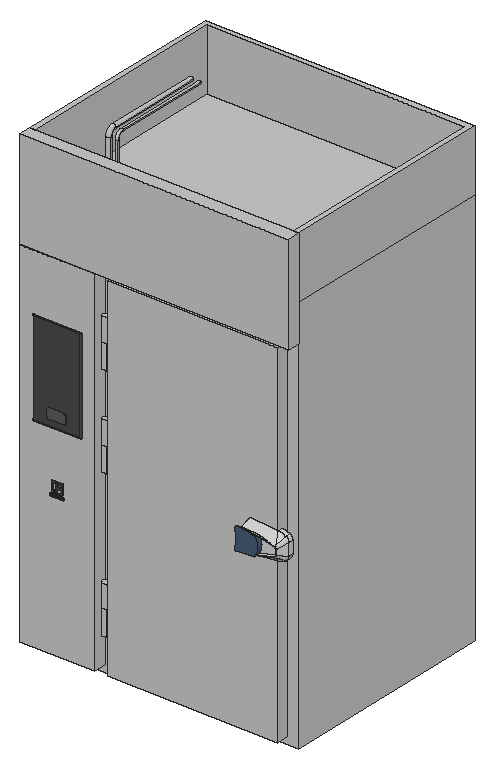
Revit family "QF_ELECTROLUXPROFESSIONAL_727910_EBFA22HE", category Specialty Equipment, Revit 2018
Family settings
  Round Connector Dimension = Use Radius
  Part Type = Normal
  Work Plane-Based = No
  Always vertical = Yes
  Cut with Voids When Loaded = No
  Shared = Yes
  Room Calculation Point = No
Parameters
  Weight = 0.00 kg
  Watts = 0 W
  Volts = 380 V
  URL Manufacturer = "http://professional.electrolux.com"
  URL = "http://professional.electrolux.com"
  Steam Supply Size = 0"
  Steam Supply Minimum Pressure = 0.00 psi
  Steam Supply Maximum Pressure = 0.00 psi
  Steam Pounds per Hour = 0
  Show Logo [instance] = yes
  Refrigeration Suction Line Size = 0"
  Refrigeration Liquid Line Size = 0"
  Refrigerant Compressor Remote = yes
  Phase = 3
  Model = "EBFA22HE"
  Manufacturer = "Electrolux"
  Length Actual = 1400 mm  # constant formula
  Item Number = "727910"
  Hot Water Size = 0"
  Height Actual = 2270 mm  # constant formula
  HP = "8.6 HP"
  Gas Size = 0"
  Gas KW = 0
  Gas Input Pressure = 0.0 Btu/h
  Direct Waste Size = 3/4"
  Description = "SKYLINE CHILLS BLAST CHILLER FREEZER 200/170KG 20 GN 2/1 - ROLL-IN - REMOTE REFRIGERATING UNIT - LEFT HINDGED DOOR"
  Depth Actual = 1266 mm  # constant formula
  Cycle = 60 Hz
  Condensate Return Size = 0"
  Compressed Air Volume = 0 GPM
  Compressed Air Size = 0"
  Compressed Air Pressure = 0.00 psi
  Cold Water Size = 0"
  Assembly Code = ""
  Show Clearance [instance] = yes
  Accessory = yes
Reference planes
  plane 1 "BACK": y = 1
  plane 2: z = 0
  plane 3 "LEFT": x = 0
  plane 4 "RIGHT": x = 1400
  plane 5 "FRONT": y = -1205
  plane 6 "TOP": z = 2400
  plane 7 "Center Y": x = 700
  plane 8: y = -2155
  plane 9: y = -602
Forms (mm)
  Extrusion 1, solid, material "QF_Clearance", visible <- "Show Clearance", detail levels coarse
    sketch origin (0, 0, -70) x (1, 0, 0) y (0, 1, 0)
      loop
        line (0, -1205) -> (0, 1) -> (1400, 1) -> (1400, -1205) -> (1500, -1205) -> (1500, 101) -> (-100, 101) -> (-100, -1205) -> (0, -1205)
    from 70 to 2670
  Extrusion 2, solid, material "QF_Finishes_Stainless Steel"
    sketch origin (349.253, 33, 630.991) x (-1, 0, 0) y (0, -1, 0)
      loop
        line (349.253, 1172.759) -> (349.253, 1238) -> (-39.747, 1238) -> (-39.747, 1172.759) -> (349.253, 1172.759)
    from -597 to 1254
  Extrusion 3, solid, material "QF_Finishes_Stainless Steel"
    sketch origin (0, -1139.759, 0) x (0, 1, 0) y (-1, 0, 0)
      loop
        line (1140.759, 0) -> (0.759, 0) -> (0.759, -1400) -> (1140.759, -1400) -> (1140.759, 0)
    from 0 to 2080
  Extrusion 4, solid, material "QF_Finishes_Stainless Steel"
    sketch origin (0, 0, -70) x (0, 1, 0) y (0, 0, 1)
      loop
        line (-1139, 2470) -> (-1205, 2470) -> (-1205, 1956) -> (-1139, 1956) -> (-1139, 2470)
    from 0 to 1400
  Extrusion 5, solid, material "QF_Finishes_Stainless Steel"
    sketch origin (0, -1139.759, 2080) x (0, 1, 0) y (-1, 0, 0)
      loop
        line (1140.759, 0) -> (0.759, 0) -> (0.759, -27.807) -> (1112.952, -27.807) -> (1112.952, -1372.193) -> (0.759, -1372.193) -> (0.759, -1400) -> (1140.759, -1400) -> (1140.759, 0)
    from 0 to 320
  Extrusion 6, solid, material "QF_Clearance", visible <- "Show Clearance", detail levels coarse
    sketch origin (0, 0, 2400) x (-1, 0, 0) y (0, -1, 0)
      loop
        line (0, 1205) -> (-1400, 1205) -> (-1400, -1) -> (0, -1) -> (0, 1205)
    from 0 to 200
  Extrusion 7, solid, material "QF_Finishes_Stainless Steel"
    sketch origin (0, 1, -70) x (1, 0, 0) y (0, 0, 1)
      loop
        circle (50.191, 2279.706) r 10
    from -2 to 0
  Extrusion 8, solid
    sketch origin (0, 0, -70) x (1, 0, 0) y (0, 1, 0)
      loop
        circle (271, -895) r 12.7
    from 180 to 190
  Sweep 9, solid, material "QF_Finishes_Stainless Steel"
    path in 3D
      loop
        line (196, -872.727, 2090) -> (196, -872.727, 2314.785)
        arc (196, -872.727, 2314.785) -> (196, -863.94, 2335.999) -> (196, -842.727, 2344.785) r 30
        line (196, -842.727, 2344.785) -> (196, -337, 2344.785)
    profile origin (196, -589.864, 2344.785) x (-1, 0, 0) y (0, 0, 1)
      loop
        circle (0, -0.785) r 11
  Sweep 10, solid, material "QF_Finishes_Stainless Steel"
    path in 3D
      loop
        line (239, -337, 2344) -> (239, -842.727, 2344)
        arc (239, -842.727, 2344) -> (239, -863.94, 2335.213) -> (239, -872.727, 2314) r 30
        line (239, -872.727, 2314) -> (239, -872.727, 2090)
    profile origin (239, -589.864, 2344) x (1, 0, 0) y (0, 0, 1)
      loop
        circle (0, 0) r 6
  Extrusion 11, solid, material "QF_Finishes_Stainless Steel"
    sketch origin (0, -1139.759, 2080) x (0, 1, 0) y (-1, 0, 0)
      loop
        line (272.791, -163.68) -> (262.791, -163.68)
        arc (262.791, -163.68) -> (252.185, -168.074) -> (247.791, -178.68) r 15
        line (247.791, -178.68) -> (247.791, -270.358)
        arc (247.791, -270.358) -> (252.185, -280.965) -> (262.791, -285.358) r 15
        line (262.791, -285.358) -> (272.791, -285.358)
        arc (272.791, -285.358) -> (283.398, -280.965) -> (287.791, -270.358) r 15
        line (287.791, -270.358) -> (287.791, -178.68)
        arc (287.791, -178.68) -> (283.398, -168.074) -> (272.791, -163.68) r 15
    from 0 to 10
  Extrusion 12, solid, material "QF_Finishes_Stainless Steel"
    sketch origin (1198.84, 27.971, -70) x (-1, 0, 0) y (0, -1, 0)
      loop
        line (743.84, 1172.971) -> (743.84, 1232.971) -> (-141.16, 1232.971) -> (-141.16, 1172.971) -> (743.84, 1172.971)
    from 103.991 to 1945.25
  Extrusion 13, solid, material "QF_Door-Drawer Clearances", visible <- "Show Clearance", detail levels coarse
    sketch origin (920, -72.029, -91.802) x (1, 0, 0) y (0, 1, 0)
      loop
        arc (-465, -2025.971) -> (153.836, -1754.227) -> (420, -1132.971) r 920
        line (420, -1132.971) -> (-465, -1132.971) -> (-465, -2025.971)
    from 125.793 to 1967.052
  Extrusion 14, solid, material "QF_Finishes_Stainless Steel"
    sketch origin (2185.239, -0.977, 1172.559) x (-1, 0, 0) y (0, -1, 0)
      loop
        line (1730.239, 1159.557) -> (1771.078, 1159.557)
        arc (1771.078, 1159.557) -> (1778.149, 1162.486) -> (1781.078, 1169.557) r 10
        line (1781.078, 1169.557) -> (1781.078, 1176.759)
        arc (1781.078, 1176.759) -> (1778.149, 1183.83) -> (1771.078, 1186.759) r 10
        line (1771.078, 1186.759) -> (1730.239, 1186.759) -> (1730.239, 1159.557)
    from 398 to 516
  Extrusion 15, solid, material "QF_Finishes_Stainless Steel"
    sketch origin (2183.989, -0.977, 1172.559) x (-1, 0, 0) y (0, -1, 0)
      loop
        line (1779.828, 1138.023) -> (1779.828, 1176.759)
        arc (1779.828, 1176.759) -> (1776.899, 1183.83) -> (1769.828, 1186.759) r 10
        line (1769.828, 1186.759) -> (1748.215, 1186.759)
        arc (1748.215, 1186.759) -> (1741.143, 1183.83) -> (1738.215, 1176.759) r 10
        line (1738.215, 1176.759) -> (1738.215, 1138.023) -> (1779.828, 1138.023)
    from 269 to 396
  Extrusion 16, solid, material "QF_Finishes_Handrails and Railings"
    sketch origin (1795, -1205, -139.705) x (1, 0, 0) y (0, 0, -1)
      loop
        line (-455, -1022.346) -> (-455, -1162.964)
        arc (-455, -1162.964) -> (-433.392, -1158.021) -> (-413, -1149.334) r 124.815
        arc (-413, -1149.334) -> (-402.037, -1138.885) -> (-398, -1124.287) r 28.412
        line (-398, -1124.287) -> (-398, -1061.023)
        arc (-398, -1061.023) -> (-402.037, -1046.425) -> (-413, -1035.976) r 28.412
        arc (-413, -1035.976) -> (-433.392, -1027.289) -> (-455, -1022.346) r 124.815
    from 0 to 25
  Blend 17, solid, material "QF_Finishes_Handrails and Railings"
    base sketch origin (1795, -1205, -139.705) x (-1, 0, 0) y (0, 0, -1)
      loop
        arc (455, -1162.964) -> (524.77, -1170.414) -> (594.859, -1173.723) r 1185.63
        arc (594.859, -1173.723) -> (600.607, -1171.431) -> (603, -1165.724) r 8
        line (603, -1165.724) -> (603, -1019.586)
        arc (603, -1019.586) -> (600.607, -1013.879) -> (594.859, -1011.587) r 8
        arc (594.859, -1011.587) -> (524.77, -1014.896) -> (455, -1022.346) r 1185.63
        arc (455, -1022.346) -> (433.392, -1027.289) -> (413, -1035.976) r 124.815
        arc (413, -1035.976) -> (402.037, -1046.425) -> (398, -1061.023) r 28.412
        line (398, -1061.023) -> (398, -1124.287)
        arc (398, -1124.287) -> (402.037, -1138.885) -> (413, -1149.334) r 28.412
        arc (413, -1149.334) -> (433.392, -1158.021) -> (455, -1162.964) r 124.815
    top sketch origin (1795, -1205, -139.705) x (-1, 0, 0) y (0, 0, -1)
      loop
        arc (421, -1108.337) -> (423.295, -1115.395) -> (429.302, -1119.753) r 12
        arc (429.302, -1119.753) -> (515.086, -1141.09) -> (603, -1150.336) r 636.459
        line (603, -1150.336) -> (603, -1034.974)
        arc (603, -1034.974) -> (515.086, -1044.22) -> (429.302, -1065.557) r 636.459
        arc (429.302, -1065.557) -> (423.295, -1069.915) -> (421, -1076.973) r 12
        line (421, -1076.973) -> (421, -1108.337)
    from 0 to 50
  Blend 18, void
    base sketch origin (1795, -1255, -139.705) x (1, 0, 0) y (0, 0, -1)
      loop
        arc (-430.843, -1114.996) -> (-427.339, -1112.454) -> (-426, -1108.337) r 7
        line (-426, -1108.337) -> (-426, -1076.973)
        arc (-426, -1076.973) -> (-427.339, -1072.856) -> (-430.843, -1070.314) r 7
        arc (-430.843, -1070.314) -> (-515.866, -1049.159) -> (-603, -1039.977) r 631.459
        line (-603, -1039.977) -> (-603, -1145.333)
        arc (-603, -1145.333) -> (-515.866, -1136.151) -> (-430.843, -1114.996) r 631.459
    top sketch origin (1795, -1255, -139.705) x (1, 0, 0) y (0, 0, -1)
      loop
        arc (-432.384, -1110.24) -> (-431.382, -1109.513) -> (-431, -1108.337) r 2
        line (-431, -1108.337) -> (-431, -1076.973)
        arc (-431, -1076.973) -> (-431.382, -1075.797) -> (-432.384, -1075.07) r 2
        arc (-432.384, -1075.07) -> (-516.647, -1054.099) -> (-603, -1044.98) r 626.459
        line (-603, -1044.98) -> (-603, -1140.33)
        arc (-603, -1140.33) -> (-516.647, -1131.211) -> (-432.384, -1110.24) r 626.459
    from 0 to 10
  Blend 19, solid, material "QF_Finishes_Electrolux_Blue"
    base sketch origin (1795, -1245, -139.705) x (-1, 0, 0) y (0, 0, -1)
      loop
        arc (628.567, -1043.419) -> (627.358, -1037.319) -> (621.77, -1034.589) r 7
        arc (621.77, -1034.589) -> (572.304, -1036.801) -> (523.16, -1042.852) r 636.459
        arc (523.16, -1042.852) -> (507.711, -1092.655) -> (523.16, -1142.458) r 88
        arc (523.16, -1142.458) -> (572.304, -1148.509) -> (621.77, -1150.721) r 636.459
        arc (621.77, -1150.721) -> (627.358, -1147.991) -> (628.567, -1141.89) r 7
        arc (628.567, -1141.89) -> (622.014, -1092.655) -> (628.567, -1043.419) r 188.232
    top sketch origin (1795, -1245, -139.705) x (-1, 0, 0) y (0, 0, -1)
      loop
        arc (626.748, -1050.703) -> (625.775, -1046.46) -> (621.845, -1044.588) r 5
        arc (621.845, -1044.588) -> (569.023, -1047.124) -> (516.603, -1054.107) r 626.459
        arc (516.603, -1054.107) -> (507.711, -1092.655) -> (516.603, -1131.203) r 88
        arc (516.603, -1131.203) -> (569.023, -1138.185) -> (621.845, -1140.722) r 626.459
        arc (621.845, -1140.722) -> (625.775, -1138.85) -> (626.748, -1134.607) r 5
        arc (626.748, -1134.607) -> (622.014, -1092.655) -> (626.748, -1050.703) r 188.232
    from 20 to 0
  Extrusion 20, solid, material "QF_Finishes_Stainless Steel"
    sketch origin (2185.239, -0.977, 692.559) x (-1, 0, 0) y (0, -1, 0)
      loop
        line (1730.239, 1159.557) -> (1771.078, 1159.557)
        arc (1771.078, 1159.557) -> (1778.149, 1162.486) -> (1781.078, 1169.557) r 10
        line (1781.078, 1169.557) -> (1781.078, 1176.759)
        arc (1781.078, 1176.759) -> (1778.149, 1183.83) -> (1771.078, 1186.759) r 10
        line (1771.078, 1186.759) -> (1730.239, 1186.759) -> (1730.239, 1159.557)
    from 398 to 516
  Extrusion 21, solid, material "QF_Finishes_Stainless Steel"
    sketch origin (2183.989, -0.977, 692.559) x (-1, 0, 0) y (0, -1, 0)
      loop
        line (1779.828, 1138.023) -> (1779.828, 1176.759)
        arc (1779.828, 1176.759) -> (1776.899, 1183.83) -> (1769.828, 1186.759) r 10
        line (1769.828, 1186.759) -> (1748.215, 1186.759)
        arc (1748.215, 1186.759) -> (1741.143, 1183.83) -> (1738.215, 1176.759) r 10
        line (1738.215, 1176.759) -> (1738.215, 1138.023) -> (1779.828, 1138.023)
    from 269 to 396
  Extrusion 22, solid, material "QF_Finishes_Stainless Steel"
    sketch origin (2185.239, -0.977, -67.441) x (-1, 0, 0) y (0, -1, 0)
      loop
        line (1730.239, 1159.557) -> (1771.078, 1159.557)
        arc (1771.078, 1159.557) -> (1778.149, 1162.486) -> (1781.078, 1169.557) r 10
        line (1781.078, 1169.557) -> (1781.078, 1176.759)
        arc (1781.078, 1176.759) -> (1778.149, 1183.83) -> (1771.078, 1186.759) r 10
        line (1771.078, 1186.759) -> (1730.239, 1186.759) -> (1730.239, 1159.557)
    from 398 to 516
  Extrusion 23, solid, material "QF_Finishes_Stainless Steel"
    sketch origin (2183.989, -0.977, -67.441) x (-1, 0, 0) y (0, -1, 0)
      loop
        line (1779.828, 1138.023) -> (1779.828, 1176.759)
        arc (1779.828, 1176.759) -> (1776.899, 1183.83) -> (1769.828, 1186.759) r 10
        line (1769.828, 1186.759) -> (1748.215, 1186.759)
        arc (1748.215, 1186.759) -> (1741.143, 1183.83) -> (1738.215, 1176.759) r 10
        line (1738.215, 1176.759) -> (1738.215, 1138.023) -> (1779.828, 1138.023)
    from 269 to 396
  Extrusion 24, solid, material "QF_Door-Drawer Clearances", visible <- "Show Clearance", detail levels coarse
    sketch origin (1627.971, -1956.84, -70) x (0, 1, 0) y (-1, 0, 0)
      loop
        line (751.84, 1172.971) -> (751.84, 1232.971) -> (-141.16, 1232.971) -> (-141.16, 1172.971) -> (751.84, 1172.971)
    from 103.991 to 1945.25
  Extrusion 25, solid, material "QF_Door-Drawer Clearances", visible <- "Show Clearance", detail levels coarse
    sketch origin (395, -2553, -139.705) x (0, -1, 0) y (0, 0, -1)
      loop
        line (-455, -1022.346) -> (-455, -1162.964)
        arc (-455, -1162.964) -> (-433.392, -1158.021) -> (-413, -1149.334) r 124.815
        arc (-413, -1149.334) -> (-402.037, -1138.885) -> (-398, -1124.287) r 28.412
        line (-398, -1124.287) -> (-398, -1061.023)
        arc (-398, -1061.023) -> (-402.037, -1046.425) -> (-413, -1035.976) r 28.412
        arc (-413, -1035.976) -> (-433.392, -1027.289) -> (-455, -1022.346) r 124.815
    from 0 to 25
  Blend 26, solid, material "QF_Door-Drawer Clearances", visible <- "Show Clearance", detail levels coarse
    base sketch origin (395, -2553, -139.705) x (0, 1, 0) y (0, 0, -1)
      loop
        arc (455, -1162.964) -> (524.77, -1170.414) -> (594.859, -1173.723) r 1185.63
        arc (594.859, -1173.723) -> (600.607, -1171.431) -> (603, -1165.724) r 8
        line (603, -1165.724) -> (603, -1019.586)
        arc (603, -1019.586) -> (600.607, -1013.879) -> (594.859, -1011.587) r 8
        arc (594.859, -1011.587) -> (524.77, -1014.896) -> (455, -1022.346) r 1185.63
        arc (455, -1022.346) -> (433.392, -1027.289) -> (413, -1035.976) r 124.815
        arc (413, -1035.976) -> (402.037, -1046.425) -> (398, -1061.023) r 28.412
        line (398, -1061.023) -> (398, -1124.287)
        arc (398, -1124.287) -> (402.037, -1138.885) -> (413, -1149.334) r 28.412
        arc (413, -1149.334) -> (433.392, -1158.021) -> (455, -1162.964) r 124.815
    top sketch origin (395, -2553, -139.705) x (0, 1, 0) y (0, 0, -1)
      loop
        arc (421, -1108.337) -> (423.295, -1115.395) -> (429.302, -1119.753) r 12
        arc (429.302, -1119.753) -> (515.086, -1141.09) -> (603, -1150.336) r 636.459
        line (603, -1150.336) -> (603, -1034.974)
        arc (603, -1034.974) -> (515.086, -1044.22) -> (429.302, -1065.557) r 636.459
        arc (429.302, -1065.557) -> (423.295, -1069.915) -> (421, -1076.973) r 12
        line (421, -1076.973) -> (421, -1108.337)
    from 0 to 50
  Blend 27, void
    base sketch origin (345, -2553, -139.705) x (0, -1, 0) y (0, 0, -1)
      loop
        arc (-430.843, -1114.996) -> (-427.339, -1112.454) -> (-426, -1108.337) r 7
        line (-426, -1108.337) -> (-426, -1076.973)
        arc (-426, -1076.973) -> (-427.339, -1072.856) -> (-430.843, -1070.314) r 7
        arc (-430.843, -1070.314) -> (-515.866, -1049.159) -> (-603, -1039.977) r 631.459
        line (-603, -1039.977) -> (-603, -1145.333)
        arc (-603, -1145.333) -> (-515.866, -1136.151) -> (-430.843, -1114.996) r 631.459
    top sketch origin (345, -2553, -139.705) x (0, -1, 0) y (0, 0, -1)
      loop
        arc (-432.384, -1110.24) -> (-431.382, -1109.513) -> (-431, -1108.337) r 2
        line (-431, -1108.337) -> (-431, -1076.973)
        arc (-431, -1076.973) -> (-431.382, -1075.797) -> (-432.384, -1075.07) r 2
        arc (-432.384, -1075.07) -> (-516.647, -1054.099) -> (-603, -1044.98) r 626.459
        line (-603, -1044.98) -> (-603, -1140.33)
        arc (-603, -1140.33) -> (-516.647, -1131.211) -> (-432.384, -1110.24) r 626.459
    from 0 to 10
  Blend 28, solid, material "QF_Door-Drawer Clearances", visible <- "Show Clearance", detail levels coarse
    base sketch origin (355, -2553, -139.705) x (0, 1, 0) y (0, 0, -1)
      loop
        arc (628.567, -1043.419) -> (627.358, -1037.319) -> (621.77, -1034.589) r 7
        arc (621.77, -1034.589) -> (572.304, -1036.801) -> (523.16, -1042.852) r 636.459
        arc (523.16, -1042.852) -> (507.711, -1092.655) -> (523.16, -1142.458) r 88
        arc (523.16, -1142.458) -> (572.304, -1148.509) -> (621.77, -1150.721) r 636.459
        arc (621.77, -1150.721) -> (627.358, -1147.991) -> (628.567, -1141.89) r 7
        arc (628.567, -1141.89) -> (622.014, -1092.655) -> (628.567, -1043.419) r 188.232
    top sketch origin (355, -2553, -139.705) x (0, 1, 0) y (0, 0, -1)
      loop
        arc (626.748, -1050.703) -> (625.775, -1046.46) -> (621.845, -1044.588) r 5
        arc (621.845, -1044.588) -> (569.023, -1047.124) -> (516.603, -1054.107) r 626.459
        arc (516.603, -1054.107) -> (507.711, -1092.655) -> (516.603, -1131.203) r 88
        arc (516.603, -1131.203) -> (569.023, -1138.185) -> (621.845, -1140.722) r 626.459
        arc (621.845, -1140.722) -> (625.775, -1138.85) -> (626.748, -1134.607) r 5
        arc (626.748, -1134.607) -> (622.014, -1092.655) -> (626.748, -1050.703) r 188.232
    from 20 to -1
Cuts and joins
  joined: Extrusion 5, Extrusion 7
  joined: Extrusion 3, Sweep 9, Sweep 10, Extrusion 11, Extrusion 15, Extrusion 21, Extrusion 23
  joined: Extrusion 1, Extrusion 6
  Blend 18 cuts Extrusion 13
  Blend 27 cuts Blend 26
  Blend 27 cuts Blend 28
  joined: Extrusion 13, Extrusion 24, Extrusion 25, Blend 26, Blend 28
  Blend 18 cuts Blend 17
  joined: Extrusion 16, Blend 17
  joined: Extrusion 12, Extrusion 14, Extrusion 20, Extrusion 22
Lines and regions (mm)
  symbolic lines, style "QF-Clearances", visible <- "Show Clearance", detail levels coarse
    curve 1: line (-100, -1204.241, 70) -> (-100, 101, 70)
    curve 2: line (-100, 101, 70) -> (1500, 101, 70)
    curve 3: line (1500, 101, 70) -> (1500, -1204.241, 70)
  symbolic lines
    curve 4: line (185, -336.968, 70) -> (207, -336.968, 70)
    curve 5: line (207, -336.968, 70) -> (207, -871.942, 70)
    curve 6: line (233, -872.727, 70) -> (233, -337, 70)
    curve 7: line (233, -337, 70) -> (245, -337, 70)
    curve 8: line (245, -337, 70) -> (245, -872.727, 70)
    curve 9: line (245, -851.968, 70) -> (270.358, -851.968, 70)
    curve 10: arc (285.358, -866.968, 70) -> (280.965, -856.361, 70) -> (270.358, -851.968, 70) r 15
    curve 11: line (285.358, -876.968, 70) -> (285.358, -866.968, 70)
    curve 12: arc (270.358, -891.968, 70) -> (280.965, -887.575, 70) -> (285.358, -876.968, 70) r 15
    curve 13: line (178.68, -891.968, 70) -> (270.358, -891.968, 70)
    curve 14: arc (163.68, -876.968, 70) -> (168.074, -887.575, 70) -> (178.68, -891.968, 70) r 15
    curve 15: line (163.68, -866.968, 70) -> (163.68, -876.968, 70)
    curve 16: arc (178.68, -851.968, 70) -> (168.074, -856.361, 70) -> (163.68, -866.968, 70) r 15
    curve 17: arc (207, -871.942, 70) -> (196, -882.942, 70) -> (185, -871.942, 70) r 11
    curve 18: arc (233, -872.727, 70) -> (239, -878.727, 70) -> (245, -872.727, 70) r 6
    curve 19: line (178.68, -851.968, 70) -> (185, -851.968, 70)
    curve 20: line (185, -336.968, 70) -> (185, -871.942, 70)
    curve 21: line (207, -851.968, 70) -> (233, -851.968, 70)
    curve 22: line (0, 1, 70) -> (1400, 1, 70)
    curve 23: line (0, -1205, 70) -> (0, 1, 70)
    curve 24: line (1400, -1205, 70) -> (0, -1205, 70)
    curve 25: line (1400, 1, 70) -> (1400, -1205, 70)
    curve 26: line (27.807, -26.807, 70) -> (1372.193, -26.807, 70)
    curve 27: line (27.807, -1139, 70) -> (27.807, -26.807, 70)
    curve 28: line (1400, -1139, 70) -> (0, -1139, 70)
    curve 29: line (1372.193, -26.807, 70) -> (1372.193, -1139, 70)
    curve 30: line (75.5, -1210, 70) -> (313.5, -1210, 70)
    curve 31: line (75.5, -1210, 70) -> (67.5, -1205, 70)
    curve 32: line (313.5, -1210, 70) -> (321.5, -1205, 70)
    curve 39: line (1374, -1255, 70) -> (1397, -1205, 70)
    curve 40: line (1374, -1255, 70) -> (1192, -1255, 70)
    curve 41: line (1192, -1255, 70) -> (1192, -1205, 70)
    curve 42: line (1192, -1245, 70) -> (1168.252, -1245, 70)
    curve 43: line (1168.252, -1245, 70) -> (1166.189, -1265, 70)
    curve 44: line (1166.189, -1265, 70) -> (1287.289, -1265, 70)
    curve 45: line (1287.289, -1265, 70) -> (1287.289, -1255, 70)
  sketch lines
    curve 33: line (196, -842.727, 2344.785) -> (196, -337, 2344.785)
    curve 34: arc (196, -872.727, 2314.785) -> (196, -863.94, 2335.999) -> (196, -842.727, 2344.785) r 30
    curve 35: line (196, -872.727, 2090) -> (196, -872.727, 2314.785)
    curve 36: line (239, -337, 2344) -> (239, -842.727, 2344)
    curve 37: arc (239, -842.727, 2344) -> (239, -863.94, 2335.213) -> (239, -872.727, 2314) r 30
    curve 38: line (239, -872.727, 2314) -> (239, -872.727, 2090)
  symbolic lines, style "QF_Door-Drawer Clearances", visible <- "Show Clearance"
    curve 46: line (345, -2132, 70) -> (395, -2155, 70)
    curve 47: line (345, -2132, 70) -> (345, -1950, 70)
    curve 48: line (345, -1950, 70) -> (395, -1950, 70)
    curve 49: line (356, -1950, 70) -> (356, -1926.126, 70)
    curve 50: line (356, -1926.126, 70) -> (335, -1924.189, 70)
    curve 51: line (335, -1924.189, 70) -> (335, -2045.289, 70)
    curve 52: line (335, -2045.289, 70) -> (345, -2045.289, 70)
    curve 53: line (420, -2098, 70) -> (420, -2155, 70)
    curve 54: line (455, -2098, 70) -> (395, -2098, 70)
    curve 55: arc (1337.204, -1255, 70) -> (1055.969, -1843.801, 70) -> (455, -2098, 70) r 920
    curve 56: line (395, -2155, 70) -> (420, -2155, 70)
    curve 57: line (395, -2098, 70) -> (395, -1205, 70)
    curve 58: line (455, -2098, 70) -> (455, -1205, 70)
Dimensions and locks
  plane 5 "FRONT" to plane 1 "BACK" = 1206 mm
  plane 6 "TOP" to level = 2400 mm
  plane 4 "RIGHT" to plane 3 "LEFT" = 1400 mm
  plane 3 "LEFT" to plane 4 "RIGHT" = 1400 mm
  equal spacing: plane 3 "LEFT", plane 7 "Center Y", plane 4 "RIGHT"
  plane 1 "BACK" to plane 5 "FRONT" = 1206 mm
  aligned and locked: level to plane 2
Automatic sketch dimensions
  plane 8 to curve 53 = 0 mm
  plane 5 "FRONT" to curve 39 = 0 mm
  curve 28 to plane 3 "LEFT" = 0 mm
  curve 28 to plane 4 "RIGHT" = 0 mm
  plane 1 "BACK" to curve 22 = 0 mm
  curve 47 to plane 8 = 23 mm
  curve 57 to plane 8 = 57 mm
  curve 54 to curve 52 = 52.711 mm
  curve 52 to curve 47 = 95.289 mm
  curve 49 to curve 50 = 23.874 mm
  curve 49 to curve 51 = 1.937 mm
  plane 5 "FRONT" to curve 43 = 60 mm
  plane 5 "FRONT" to curve 40 = 50 mm
  curve 43 to curve 43 = 20 mm
  plane 5 "FRONT" to curve 30 = 5 mm
  curve 55 to plane 5 "FRONT" = 26.348 mm
  plane 3 "LEFT" to curve 13 = 178.68 mm
  curve 13 to plane 9 = 289.968 mm
  curve 13 to curve 14 = 15 mm
  curve 12 to curve 11 = 15 mm
  curve 12 to curve 18 = 4.241 mm
  curve 14 to curve 17 = 5.026 mm
  curve 14 to curve 15 = 10 mm
  curve 12 to curve 11 = 10 mm
  curve 10 to curve 9 = 15 mm
  curve 16 to curve 19 = 15 mm
  plane 9 to curve 7 = 265 mm
  curve 6 to curve 5 = 0.032 mm
  plane 1 "BACK" to curve 26 = 27.807 mm
  curve 2 to plane 1 "BACK" = 100 mm
  plane 4 "RIGHT" to curve 2 = 100 mm
  curve 39 to plane 4 "RIGHT" = 26 mm
  curve 29 to plane 4 "RIGHT" = 27.807 mm
  curve 39 to curve 45 = 86.711 mm
  curve 45 to curve 40 = 95.289 mm
  curve 42 to curve 43 = 23.748 mm
  curve 42 to curve 44 = 2.062 mm
  plane 7 "Center Y" to curve 58 = 245 mm
  curve 58 to curve 55 = 34.623 mm
  curve 58 to curve 56 = 35 mm
  curve 53 to curve 57 = 25 mm
  curve 53 to curve 56 = 25 mm
  curve 48 to curve 50 = 39 mm
  curve 49 to curve 48 = 11 mm
  curve 49 to curve 50 = 21 mm
  curve 57 to curve 32 = 81.5 mm
  curve 11 to curve 14 = 106.678 mm
  plane 3 "LEFT" to curve 7 = 245 mm
  curve 8 to curve 18 = 6 mm
  curve 18 to curve 5 = 26 mm
  curve 5 to curve 17 = 11 mm
  plane 3 "LEFT" to curve 30 = 75.5 mm
  plane 3 "LEFT" to curve 27 = 27.807 mm
  curve 1 to plane 3 "LEFT" = 100 mm
  curve 3 to plane 5 "FRONT" = 0.759 mm
  curve 1 to plane 5 "FRONT" = 0.759 mm
  curve 29 to plane 5 "FRONT" = 66 mm
  curve 17 to curve 21 = 19.974 mm
  curve 39 to plane 4 "RIGHT" = 3 mm
  curve 32 to curve 30 = 8 mm
  curve 30 to curve 31 = 8 mm
  plane 5 "FRONT" to Extrusion 1 sketch curve = 0 mm  (x2)
  Extrusion 1 sketch curve to plane 3 "LEFT" = 0 mm
  plane 1 "BACK" to Extrusion 1 sketch curve = 0 mm
  Extrusion 1 sketch curve to plane 4 "RIGHT" = 0 mm
  Extrusion 1 sketch curve to plane 3 "LEFT" = 100 mm
  plane 4 "RIGHT" to Extrusion 1 sketch curve = 100 mm
  Extrusion 1 sketch curve to plane 1 "BACK" = 100 mm
  plane 5 "FRONT" to Extrusion 2 sketch curve = 0 mm
  Extrusion 2 sketch curve to plane 3 "LEFT" = 0 mm
  plane 7 "Center Y" to Extrusion 2 sketch curve = 311 mm
  Extrusion 2 sketch curve to plane 5 "FRONT" = 65.241 mm
  Extrusion 3 sketch curve to plane 3 "LEFT" = 0 mm
  Extrusion 3 sketch curve to plane 4 "RIGHT" = 0 mm
  plane 1 "BACK" to Extrusion 3 sketch curve = 0 mm
  Extrusion 3 sketch curve to plane 5 "FRONT" = 66 mm
  Extrusion 4 sketch curve to plane 5 "FRONT" = 0 mm
  Extrusion 4 sketch curve to plane 6 "TOP" = 0 mm
  Extrusion 4 sketch curve to Extrusion 4 sketch curve = 66 mm
  Extrusion 4 sketch curve to Extrusion 4 sketch curve = 514 mm
  Extrusion 3 to Extrusion 5 sketch curve = 0 mm
  Extrusion 5 sketch curve to Extrusion 3 = 0 mm  (x4)
  Extrusion 5 sketch curve to Extrusion 3 = 27.807 mm  (x3)
  Extrusion 6 sketch curve to plane 4 "RIGHT" = 0 mm
  plane 1 "BACK" to Extrusion 6 sketch curve = 0 mm
  Extrusion 6 sketch curve to plane 3 "LEFT" = 0 mm
  plane 5 "FRONT" to Extrusion 6 sketch curve = 0 mm
  plane 3 "LEFT" to Extrusion 7 sketch curve = 50.191 mm
  Extrusion 7 sketch curve to plane 6 "TOP" = 190.294 mm
  plane 3 "LEFT" to Extrusion 8 sketch curve = 271 mm
  Extrusion 8 sketch curve to plane 9 = 293 mm
  Sweep 9 sketch curve to profile plane = 0 mm
  Sweep 9 sketch curve to profile plane = 0.785 mm
  profile plane to Sweep 10 sketch curve = 0 mm
  Sweep 10 sketch curve to profile plane = 0 mm
  Extrusion 11 sketch curve to Extrusion 3 = 247.032 mm
  Extrusion 11 sketch curve to Extrusion 11 sketch curve = 15 mm  (x3)
  Extrusion 11 sketch curve to Extrusion 11 sketch curve = 10 mm  (x2)
  Extrusion 11 sketch curve to Extrusion 3 = 285.358 mm
  Extrusion 11 sketch curve to Extrusion 11 sketch curve = 91.678 mm
  plane 5 "FRONT" to Extrusion 12 sketch curve = 0 mm
  Extrusion 12 sketch curve to plane 4 "RIGHT" = 60 mm
  plane 7 "Center Y" to Extrusion 12 sketch curve = 245 mm
  Extrusion 12 sketch curve to Extrusion 12 sketch curve = 60 mm
  plane 5 "FRONT" to Extrusion 13 sketch curve = 0 mm
  Extrusion 13 sketch curve to plane 5 "FRONT" = 26.348 mm
  plane 7 "Center Y" to Extrusion 13 sketch curve = 279.623 mm
  Extrusion 13 sketch curve to Extrusion 13 sketch curve = 34.623 mm
  Extrusion 13 sketch curve to plane 4 "RIGHT" = 60 mm
  Extrusion 14 sketch curve to plane 5 "FRONT" = 17.264 mm
  plane 7 "Center Y" to Extrusion 14 sketch curve = 245 mm
  Extrusion 14 sketch curve to Extrusion 14 sketch curve = 40.839 mm
  Extrusion 14 sketch curve to Extrusion 14 sketch curve = 0 mm
  Extrusion 14 sketch curve to Extrusion 14 sketch curve = 10 mm
  Extrusion 14 sketch curve to Extrusion 14 sketch curve = 7.202 mm
  Extrusion 15 sketch curve to plane 5 "FRONT" = 27.264 mm
  plane 7 "Center Y" to Extrusion 15 sketch curve = 254.225 mm
  Extrusion 15 sketch curve to Extrusion 15 sketch curve = 10 mm  (x2)
  Extrusion 15 sketch curve to Extrusion 15 sketch curve = 21.613 mm
  Extrusion 15 sketch curve to Extrusion 15 sketch curve = 38.736 mm
  Extrusion 16 sketch curve to plane 4 "RIGHT" = 76.919 mm  (x2)
  Extrusion 16 sketch curve to Extrusion 16 sketch curve = 16.919 mm
  Extrusion 16 sketch curve to plane 4 "RIGHT" = 31.412 mm  (x2)
  Extrusion 16 sketch curve to plane 4 "RIGHT" = 3 mm
  level to Extrusion 16 sketch curve = 1023.259 mm
  Extrusion 16 sketch curve to Extrusion 16 sketch curve = 16.954 mm  (x2)
  Extrusion 16 sketch curve to Extrusion 16 sketch curve = 38.676 mm
  Extrusion 16 sketch curve to Extrusion 16 sketch curve = 63.265 mm
  Extrusion 16 sketch curve to Extrusion 16 sketch curve = 21.722 mm
  Extrusion 16 to Blend 17 sketch curve = 0 mm  (x2)
  Blend 17 sketch curve to Extrusion 16 = 0 mm  (x2)
  Blend 17 sketch curve to Extrusion 16 = 28.412 mm
  Blend 17 sketch curve to Blend 17 sketch curve = 123.081 mm  (x2)
  Blend 17 sketch curve to Blend 17 sketch curve = 8 mm
  Extrusion 16 to Blend 17 sketch curve = 160.712 mm  (x2)
  Blend 17 sketch curve to Blend 17 sketch curve = 19.715 mm  (x2)
  Blend 17 sketch curve to Blend 17 sketch curve = 38.676 mm
  Blend 17 sketch curve to Extrusion 16 = 23 mm
  Blend 17 sketch curve to Blend 17 sketch curve = 12 mm  (x2)
  Extrusion 16 to Blend 17 sketch curve = 148 mm
  Extrusion 16 to Blend 17 sketch curve = 170.45 mm  (x2)
  Blend 17 sketch curve to Blend 17 sketch curve = 520.701 mm  (x2)
  Blend 17 sketch curve to Blend 17 sketch curve = 41.999 mm
  Blend 17 sketch curve to Blend 17 sketch curve = 31.364 mm
  Blend 17 sketch curve to Blend 17 sketch curve = 115.362 mm
  Blend 18 sketch curve to Blend 17 = 0 mm  (x2)
  Blend 18 sketch curve to Blend 18 sketch curve = 7 mm
  Blend 18 sketch curve to Blend 18 sketch curve = 31.364 mm  (x2)
  Blend 18 sketch curve to Blend 18 sketch curve = 2 mm
  Blend 18 to Blend 19 sketch curve = 18.811 mm  (x2)
  Blend 19 sketch curve to Blend 18 = 7.289 mm  (x2)
  Blend 19 sketch curve to Blend 19 sketch curve = 188.435 mm
  Blend 19 sketch curve to Blend 19 sketch curve = 7 mm  (x2)
  Blend 19 sketch curve to Blend 19 sketch curve = 51.066 mm  (x2)
  Blend 19 sketch curve to Blend 19 sketch curve = 0 mm  (x6)
  Blend 19 sketch curve to Blend 18 = 79.84 mm
  Blend 18 to Blend 19 sketch curve = 18.874 mm  (x2)
  Blend 19 sketch curve to Blend 19 sketch curve = 188.371 mm
  Blend 19 sketch curve to Blend 19 sketch curve = 5 mm  (x2)
  Blend 19 sketch curve to Blend 19 sketch curve = 43.067 mm  (x2)
  Blend 19 sketch curve to Blend 18 = 85.603 mm
  Extrusion 20 sketch curve to plane 5 "FRONT" = 17.264 mm
  plane 7 "Center Y" to Extrusion 20 sketch curve = 245 mm
  Extrusion 20 sketch curve to Extrusion 20 sketch curve = 40.839 mm
  Extrusion 20 sketch curve to Extrusion 20 sketch curve = 0 mm
  Extrusion 20 sketch curve to Extrusion 20 sketch curve = 10 mm
  Extrusion 20 sketch curve to Extrusion 20 sketch curve = 7.202 mm
  Extrusion 21 sketch curve to plane 5 "FRONT" = 27.264 mm
  plane 7 "Center Y" to Extrusion 21 sketch curve = 254.225 mm
  Extrusion 21 sketch curve to Extrusion 21 sketch curve = 10 mm  (x2)
  Extrusion 21 sketch curve to Extrusion 21 sketch curve = 21.613 mm
  Extrusion 21 sketch curve to Extrusion 21 sketch curve = 38.736 mm
  Extrusion 22 sketch curve to plane 5 "FRONT" = 17.264 mm
  plane 7 "Center Y" to Extrusion 22 sketch curve = 245 mm
  Extrusion 22 sketch curve to Extrusion 22 sketch curve = 40.839 mm
  Extrusion 22 sketch curve to Extrusion 22 sketch curve = 0 mm
  Extrusion 22 sketch curve to Extrusion 22 sketch curve = 10 mm
  Extrusion 22 sketch curve to Extrusion 22 sketch curve = 7.202 mm
  Extrusion 23 sketch curve to plane 5 "FRONT" = 27.264 mm
  plane 7 "Center Y" to Extrusion 23 sketch curve = 254.225 mm
  Extrusion 23 sketch curve to Extrusion 23 sketch curve = 10 mm  (x2)
  Extrusion 23 sketch curve to Extrusion 23 sketch curve = 21.613 mm
  Extrusion 23 sketch curve to Extrusion 23 sketch curve = 38.736 mm
  plane 5 "FRONT" to Extrusion 24 sketch curve = 0 mm
  Extrusion 24 sketch curve to plane 8 = 57 mm
  plane 7 "Center Y" to Extrusion 24 sketch curve = 245 mm
  Extrusion 24 sketch curve to Extrusion 24 sketch curve = 60 mm
  Extrusion 25 sketch curve to plane 8 = 0 mm
  Extrusion 25 sketch curve to Extrusion 25 sketch curve = 28.412 mm  (x2)
  Extrusion 25 sketch curve to Extrusion 25 sketch curve = 28.588 mm
  Extrusion 25 sketch curve to Extrusion 25 sketch curve = 16.919 mm  (x2)
  level to Extrusion 25 sketch curve = 1023.259 mm
  Extrusion 25 sketch curve to Extrusion 25 sketch curve = 16.954 mm  (x2)
  Extrusion 25 sketch curve to Extrusion 25 sketch curve = 38.676 mm
  Extrusion 25 sketch curve to Extrusion 25 sketch curve = 63.265 mm
  Extrusion 25 sketch curve to Extrusion 25 sketch curve = 21.722 mm
  Blend 26 sketch curve to Extrusion 25 = 0 mm  (x4)
  Blend 26 sketch curve to Extrusion 25 = 28.412 mm
  Blend 26 sketch curve to Blend 26 sketch curve = 123.081 mm  (x2)
  Blend 26 sketch curve to Blend 26 sketch curve = 8 mm
  Extrusion 25 to Blend 26 sketch curve = 160.712 mm  (x2)
  Blend 26 sketch curve to Blend 26 sketch curve = 19.715 mm  (x2)
  Blend 26 sketch curve to Blend 26 sketch curve = 38.676 mm
  Blend 26 sketch curve to Extrusion 25 = 23 mm
  Blend 26 sketch curve to Blend 26 sketch curve = 12 mm  (x2)
  Extrusion 25 to Blend 26 sketch curve = 148 mm
  Extrusion 25 to Blend 26 sketch curve = 170.45 mm  (x2)
  Blend 26 sketch curve to Blend 26 sketch curve = 520.701 mm  (x2)
  Blend 26 sketch curve to Blend 26 sketch curve = 41.999 mm
  Blend 26 sketch curve to Blend 26 sketch curve = 31.364 mm
  Blend 26 sketch curve to Blend 26 sketch curve = 115.362 mm
  Blend 27 sketch curve to Blend 26 = 0 mm  (x2)
  Blend 27 sketch curve to Blend 27 sketch curve = 7 mm
  Blend 27 sketch curve to Blend 27 sketch curve = 31.364 mm  (x2)
  Blend 27 sketch curve to Blend 27 sketch curve = 2 mm
  Blend 27 to Blend 28 sketch curve = 18.811 mm  (x2)
  Blend 28 sketch curve to Blend 27 = 7.289 mm  (x2)
  Blend 28 sketch curve to Blend 28 sketch curve = 188.435 mm
  Blend 28 sketch curve to Blend 28 sketch curve = 7 mm  (x2)
  Blend 28 sketch curve to Blend 28 sketch curve = 51.066 mm  (x2)
  Blend 28 sketch curve to Blend 28 sketch curve = 0 mm  (x6)
  Blend 28 sketch curve to Blend 27 = 79.84 mm
  Blend 27 to Blend 28 sketch curve = 18.874 mm  (x2)
  Blend 28 sketch curve to Blend 28 sketch curve = 188.371 mm
  Blend 28 sketch curve to Blend 28 sketch curve = 5 mm  (x2)
  Blend 28 sketch curve to Blend 28 sketch curve = 43.067 mm  (x2)
  Blend 28 sketch curve to Blend 27 = 85.603 mm
  radius of Extrusion 7 sketch curve = 10 mm
  radius of Extrusion 8 sketch curve = 12.7 mm
  radius of Sweep 9 sketch curve = 11 mm
  radius of Sweep 10 sketch curve = 6 mm
  radius of Blend 17 sketch curve to Extrusion 16 = 0 mm  (x3)
  radius of Blend 18 sketch curve to Blend 17 = 5 mm  (x3)
  radius of Blend 18 sketch curve to Blend 17 = 10 mm  (x3)
  radius of Blend 18 to Blend 19 sketch curve = 10 mm  (x2)
  radius of Blend 19 sketch curve to Blend 18 = 0 mm  (x2)
  radius of Blend 26 sketch curve to Extrusion 25 = 0 mm  (x3)
  radius of Blend 27 sketch curve to Blend 26 = 5 mm  (x3)
  radius of Blend 27 sketch curve to Blend 26 = 10 mm  (x3)
  radius of Blend 27 to Blend 28 sketch curve = 10 mm  (x2)
  radius of Blend 28 sketch curve to Blend 27 = 0 mm  (x2)
Nested families
  nested 1: "ELX_Touch" at (194.5, -1205, 1338.103) x (1, 0, 0) z (0, -1, 0), type "ELX_Touch"
  nested 2: "ELX_Logo_S_New" at (194.5, -1205, 779.103) x (1, 0, 0) z (0, -1, 0), visible <- "Show Logo", type "ELX_Logo_S_New"
    with M QF_Finishes_Black
  nested 3: "ELX_Logo_Symbol" at (194.5, -1205, 819.103) x (1, 0, 0) z (0, -1, 0), visible <- "Show Logo", type "ELX_Logo_Symbol"
    with M QF_Finishes_Black
Connectors
  piping at (271, -895, 110), diameter 25.4
    settings: on Extrusion 8, index 5, connector inside diameter 24", connector length 0 mm, flow factor 0, pipe flow 0 GPM, pressure drop 0.00 psi, fitting loss kfactor 0, connector angle 0.00°, fixture units 0, engagement length 0 mm, angle of deflection 0.00°, flow configuration 1, flow direction 2, fitting loss method 0, system type 16, joint type 0, gender type 0, connector reference index -1, connector utility 0, adjustable connector no, is connector primary yes, connector description "Drain"
  electrical at (50.191, 3, 2209.706), driven by "Volts"
    settings: on Extrusion 7, index 6, voltage 380 V, apparent load 0 VA, apparent load phase1 0 VA, apparent load phase2 0 VA, apparent load phase3 0 VA, power factor 1, load classification "Altro", number of poles 1, system type 30, power factor state 1, is connector primary yes, connector utility no, sub classification motor no, connector description "Electrical Connection"
  piping at (239, -337, 2344), diameter 12
    settings: on Sweep 10, index 7, connector inside diameter 24", connector length 0 mm, flow factor 0, pipe flow 0 GPM, pressure drop 0.00 psi, fitting loss kfactor 0, connector angle 0.00°, fixture units 0, engagement length 0 mm, angle of deflection 0.00°, flow configuration 1, flow direction 1, fitting loss method 0, system type 8, joint type 0, gender type 0, connector reference index -1, connector utility 0, adjustable connector no, is connector primary no, connector description "Refrigerant Outlet"
  piping at (196, -337, 2344), diameter 22
    settings: on Sweep 9, index 8, connector inside diameter 24", connector length 0 mm, flow factor 0, pipe flow 0 GPM, pressure drop 0.00 psi, fitting loss kfactor 0, connector angle 0.00°, fixture units 0, engagement length 0 mm, angle of deflection 0.00°, flow configuration 1, flow direction 1, fitting loss method 0, system type 7, joint type 0, gender type 0, connector reference index -1, connector utility 0, adjustable connector no, is connector primary no, connector description "Refrigerant Inlet"
Definition of nested family "ELX_Touch"
  Parameters
    Default Elevation = 1219.2 mm
  Reference planes
    plane 1 "Centro (Fronte/Retro)": y = 0
    plane 2: z = 0
    plane 3 "Centro (Sinistra/Destra)": x = 0
  Forms (mm)
    Extrusion 1, solid
      sketch origin (0, 0, 0) x (1, 0, 0) y (0, 1, 0)
        loop
          line (-1219.2, 1219.2) -> (-1219.2, -1219.2) -> (1219.2, -1219.2) -> (1219.2, 1219.2) -> (-1219.2, 1219.2)
      from 0 to -304.8
    Extrusion 2, solid
      sketch origin (0, 0, 5) x (1, 0, 0) y (0, 1, 0)
        loop
          line (-47, -160) -> (-47, -202)
          arc (-47, -202) -> (-45.536, -205.535) -> (-42, -207) r 5
          line (-42, -207) -> (42, -207)
          arc (42, -207) -> (45.536, -205.535) -> (47, -202) r 5
          line (47, -202) -> (47, -160)
          arc (47, -160) -> (45.536, -156.465) -> (42, -155) r 5
          line (42, -155) -> (-42, -155)
          arc (-42, -155) -> (-45.536, -156.465) -> (-47, -160) r 5
      from 0 to 2
    Blend 3, solid
      base sketch origin (0, 0, 0) x (1, 0, 0) y (0, 1, 0)
        loop
          line (-127, 244) -> (-127, -244)
          arc (-127, -244) -> (-125.536, -247.536) -> (-122, -249) r 5
          line (-122, -249) -> (122, -249)
          arc (122, -249) -> (125.536, -247.536) -> (127, -244) r 5
          line (127, -244) -> (127, 244)
          arc (127, 244) -> (125.536, 247.536) -> (122, 249) r 5
          line (122, 249) -> (-122, 249)
          arc (-122, 249) -> (-125.536, 247.536) -> (-127, 244) r 5
      top sketch origin (0, 0, 0) x (1, 0, 0) y (0, 1, 0)
        loop
          line (-119, -241) -> (119, -241) -> (119, 241) -> (-119, 241) -> (-119, -241)
      from 0 to 5
  Lines and regions (mm)
    Split face 1
      outline origin (0, 0, 5) x (1, 0, 0) y (0, 1, 0)
        loop
          line (-70.506, 46.167) -> (70.506, 46.167) -> (70.506, 214.829) -> (-70.506, 214.829) -> (-70.506, 46.167)
    Split face 2
      outline origin (0, 0, 5) x (1, 0, 0) y (0, 1, 0)
        loop
          line (-47.467, 50.825) -> (47.467, 50.825) -> (47.467, 210.171) -> (-47.467, 210.171) -> (-47.467, 50.825)
    Split face 3
      outline origin (0, 0, 5) x (1, 0, 0) y (0, 1, 0)
        loop
          line (-70.521, -215.33) -> (70.521, -215.33) -> (70.521, -146.67) -> (-70.521, -146.67) -> (-70.521, -215.33)
    Split face 4
      outline origin (0, 0, 5) x (1, 0, 0) y (0, 1, 0)
        loop
          line (-119, 201.163) -> (-70.506, 201.163)
        loop
          line (70.506, 201.163) -> (119, 201.163)
        loop
          line (70.521, -200.849) -> (119, -200.849)
        loop
          line (-119, -200.849) -> (-70.521, -200.849)
  Dimensions and locks
    aligned and locked: plane 2 to Extrusion 1
    aligned and locked: level to Extrusion 1
Definition of nested family "ELX_Logo_S_New"
  Parameters
    Default Elevation = 0 mm
    M [instance] = none
  Reference planes
    plane 1 "Centro (Fronte/Retro)": y = 0
    plane 2: z = 0
    plane 3 "Centro (Sinistra/Destra)": x = 0
  Forms (mm)
    Extrusion 1, solid
      sketch origin (0, 0, 0) x (1, 0, 0) y (0, 1, 0)
        loop
          line (-1219.2, 1219.2) -> (-1219.2, -1219.2) -> (1219.2, -1219.2) -> (1219.2, 1219.2) -> (-1219.2, 1219.2)
      from 0 to -304.8
    Extrusion 2, solid, material <- "M"
      sketch origin (0, 0, 0) x (1, 0, 0) y (0, 1, 0)
        loop
          spline (-32.537, -4.135) -> (-32.702, -4.128) -> (-32.877, -4.105) -> (-33.059, -4.064) -> (-33.242, -4.002) -> (-33.422, -3.916) -> (-33.593, -3.803) -> (-33.751, -3.66) -> (-33.891, -3.486) -> (-34.008, -3.276) -> (-34.098, -3.029) -> (-34.155, -2.741) -> (-34.176, -2.41)
          line (-34.176, -2.41) -> (-34.176, -0.943) -> (-29.331, -0.943) -> (-29.331, 0.928) -> (-34.176, 0.928) -> (-34.176, 3.652) -> (-29.023, 3.652) -> (-29.023, 5.518) -> (-36.159, 5.518) -> (-36.159, -2.326)
          spline (-36.159, -2.326) -> (-36.142, -2.808) -> (-36.088, -3.263) -> (-35.996, -3.688) -> (-35.867, -4.083) -> (-35.698, -4.445) -> (-35.489, -4.773) -> (-35.239, -5.066) -> (-34.946, -5.322) -> (-34.61, -5.539) -> (-34.23, -5.716) -> (-33.804, -5.851) -> (-33.332, -5.943)
          line (-33.332, -5.943) -> (-32.554, -5.999) -> (-28.885, -5.999) -> (-28.885, -4.135) -> (-32.537, -4.135)
        loop
          line (-27.476, 0.076) -> (-27.476, -6.002) -> (-25.492, -6.002) -> (-25.492, 5.521) -> (-27.476, 5.521) -> (-27.476, 0.076)
        loop
          spline (-15.702, -2.321) -> (-15.689, -1.697) -> (-15.749, -1.094) -> (-15.879, -0.516) -> (-16.078, 0.029) -> (-16.341, 0.538) -> (-16.668, 1.004) -> (-17.055, 1.422) -> (-17.5, 1.786) -> (-17.999, 2.091) -> (-18.552, 2.331) -> (-19.154, 2.5) -> (-19.804, 2.594)
          spline (-19.804, 2.594) -> (-20.422, 2.558) -> (-21.009, 2.453) -> (-21.56, 2.28) -> (-22.072, 2.042) -> (-22.54, 1.743) -> (-22.96, 1.385) -> (-23.327, 0.97) -> (-23.638, 0.502) -> (-23.887, -0.018) -> (-24.07, -0.586) -> (-24.183, -1.2) -> (-24.222, -1.857)
          spline (-24.222, -1.857) -> (-24.184, -2.498) -> (-24.074, -3.097) -> (-23.895, -3.652) -> (-23.651, -4.16) -> (-23.344, -4.618) -> (-22.979, -5.023) -> (-22.559, -5.374) -> (-22.087, -5.667) -> (-21.567, -5.899) -> (-21.003, -6.068) -> (-20.397, -6.172) -> (-19.754, -6.207)
          spline (-19.754, -6.207) -> (-19.44, -6.2) -> (-19.13, -6.176) -> (-18.823, -6.135) -> (-18.52, -6.074) -> (-18.221, -5.993) -> (-17.925, -5.89) -> (-17.634, -5.762) -> (-17.346, -5.609) -> (-17.062, -5.43) -> (-16.782, -5.221) -> (-16.506, -4.983) -> (-16.234, -4.713)
          line (-16.234, -4.713) -> (-17.429, -3.55)
          spline (-17.429, -3.55) -> (-17.587, -3.702) -> (-17.745, -3.841) -> (-17.906, -3.967) -> (-18.07, -4.08) -> (-18.239, -4.181) -> (-18.415, -4.268) -> (-18.599, -4.343) -> (-18.792, -4.404) -> (-18.996, -4.452) -> (-19.213, -4.486) -> (-19.443, -4.506) -> (-19.688, -4.513)
          spline (-19.688, -4.513) -> (-20.047, -4.496) -> (-20.383, -4.443) -> (-20.696, -4.358) -> (-20.984, -4.24) -> (-21.246, -4.092) -> (-21.479, -3.915) -> (-21.683, -3.711) -> (-21.856, -3.48) -> (-21.997, -3.224) -> (-22.104, -2.945) -> (-22.176, -2.643) -> (-22.212, -2.321)
          line (-22.212, -2.321) -> (-15.702, -2.321)
        loop
          spline (-17.695, -0.926) -> (-17.714, -0.681) -> (-17.771, -0.445) -> (-17.861, -0.221) -> (-17.984, -0.01) -> (-18.135, 0.184) -> (-18.314, 0.36) -> (-18.516, 0.516) -> (-18.741, 0.648) -> (-18.984, 0.755) -> (-19.244, 0.834) -> (-19.518, 0.883) -> (-19.804, 0.9)
          spline (-19.804, 0.9) -> (-20.11, 0.884) -> (-20.405, 0.835) -> (-20.686, 0.757) -> (-20.95, 0.652) -> (-21.195, 0.521) -> (-21.419, 0.367) -> (-21.618, 0.192) -> (-21.79, -0.003) -> (-21.934, -0.214) -> (-22.045, -0.439) -> (-22.122, -0.678) -> (-22.162, -0.926)
          line (-22.162, -0.926) -> (-17.695, -0.926)
        loop
          spline (-12.669, -1.807) -> (-12.646, -1.438) -> (-12.58, -1.088) -> (-12.472, -0.759) -> (-12.326, -0.455) -> (-12.145, -0.177) -> (-11.93, 0.072) -> (-11.685, 0.289) -> (-11.412, 0.473) -> (-11.114, 0.62) -> (-10.793, 0.728) -> (-10.453, 0.794) -> (-10.095, 0.817)
          spline (-10.095, 0.817) -> (-9.876, 0.81) -> (-9.665, 0.79) -> (-9.464, 0.756) -> (-9.271, 0.709) -> (-9.086, 0.65) -> (-8.908, 0.578) -> (-8.737, 0.495) -> (-8.572, 0.399) -> (-8.414, 0.292) -> (-8.261, 0.173) -> (-8.113, 0.044) -> (-7.969, -0.096)
          line (-7.969, -0.096) -> (-6.741, 1.183)
          spline (-6.741, 1.183) -> (-6.985, 1.427) -> (-7.237, 1.647) -> (-7.496, 1.843) -> (-7.762, 2.015) -> (-8.034, 2.164) -> (-8.312, 2.291) -> (-8.596, 2.397) -> (-8.886, 2.482) -> (-9.181, 2.546) -> (-9.481, 2.592) -> (-9.786, 2.619) -> (-10.095, 2.627)
          spline (-10.095, 2.627) -> (-10.715, 2.589) -> (-11.308, 2.476) -> (-11.871, 2.294) -> (-12.396, 2.046) -> (-12.88, 1.736) -> (-13.316, 1.369) -> (-13.7, 0.949) -> (-14.026, 0.48) -> (-14.289, -0.035) -> (-14.483, -0.59) -> (-14.604, -1.182) -> (-14.645, -1.807)
          spline (-14.645, -1.807) -> (-14.604, -2.431) -> (-14.483, -3.023) -> (-14.289, -3.578) -> (-14.026, -4.093) -> (-13.7, -4.562) -> (-13.316, -4.983) -> (-12.88, -5.35) -> (-12.396, -5.659) -> (-11.871, -5.907) -> (-11.308, -6.09) -> (-10.715, -6.202) -> (-10.095, -6.24)
          spline (-10.095, -6.24) -> (-9.786, -6.232) -> (-9.481, -6.205) -> (-9.181, -6.16) -> (-8.886, -6.095) -> (-8.596, -6.01) -> (-8.312, -5.904) -> (-8.034, -5.777) -> (-7.762, -5.628) -> (-7.496, -5.456) -> (-7.237, -5.26) -> (-6.985, -5.04) -> (-6.741, -4.796)
          line (-6.741, -4.796) -> (-7.969, -3.517)
          spline (-7.969, -3.517) -> (-8.113, -3.657) -> (-8.261, -3.786) -> (-8.414, -3.905) -> (-8.572, -4.012) -> (-8.737, -4.108) -> (-8.908, -4.192) -> (-9.086, -4.263) -> (-9.271, -4.323) -> (-9.464, -4.369) -> (-9.665, -4.403) -> (-9.876, -4.423) -> (-10.095, -4.43)
          spline (-10.095, -4.43) -> (-10.453, -4.408) -> (-10.793, -4.341) -> (-11.114, -4.233) -> (-11.412, -4.086) -> (-11.685, -3.902) -> (-11.93, -3.685) -> (-12.145, -3.436) -> (-12.326, -3.158) -> (-12.472, -2.854) -> (-12.58, -2.526) -> (-12.646, -2.176) -> (-12.669, -1.807)
        loop
          spline (-1.683, -4.138) -> (-1.858, -4.14) -> (-2.045, -4.127) -> (-2.24, -4.095) -> (-2.438, -4.04) -> (-2.633, -3.959) -> (-2.822, -3.85) -> (-2.998, -3.709) -> (-3.157, -3.533) -> (-3.294, -3.318) -> (-3.404, -3.061) -> (-3.483, -2.76) -> (-3.524, -2.411)
          line (-3.524, -2.411) -> (-3.524, 0.529) -> (-1.72, 0.529) -> (-1.72, 2.331) -> (-3.522, 2.331) -> (-3.522, 5.521) -> (-5.506, 5.521) -> (-5.506, -2.523)
          spline (-5.506, -2.523) -> (-5.463, -2.99) -> (-5.386, -3.429) -> (-5.274, -3.839) -> (-5.126, -4.218) -> (-4.941, -4.564) -> (-4.717, -4.877) -> (-4.455, -5.155) -> (-4.153, -5.396) -> (-3.81, -5.599) -> (-3.425, -5.762) -> (-2.998, -5.884) -> (-2.528, -5.964)
          line (-2.528, -5.964) -> (-1.69, -6.002) -> (-1.683, -4.138)
        loop
          spline (4.991, 2.446) -> (4.648, 2.468) -> (4.318, 2.461) -> (4.001, 2.429) -> (3.699, 2.371) -> (3.413, 2.288) -> (3.142, 2.182) -> (2.89, 2.052) -> (2.655, 1.901) -> (2.439, 1.728) -> (2.244, 1.535) -> (2.069, 1.322) -> (1.917, 1.091)
          line (1.917, 1.091) -> (1.917, 2.33) -> (-0.051, 2.33) -> (-0.051, -6.002) -> (1.917, -6.002) -> (1.917, -1.621)
          spline (1.917, -1.621) -> (1.935, -1.288) -> (1.988, -0.979) -> (2.075, -0.693) -> (2.195, -0.432) -> (2.345, -0.197) -> (2.526, 0.01) -> (2.736, 0.189) -> (2.972, 0.338) -> (3.235, 0.456) -> (3.522, 0.541) -> (3.832, 0.594) -> (4.165, 0.611)
          line (4.165, 0.611) -> (4.991, 0.529) -> (4.991, 2.446)
        loop
          spline (14.388, -1.836) -> (14.347, -1.224) -> (14.226, -0.642) -> (14.031, -0.093) -> (13.768, 0.418) -> (13.441, 0.887) -> (13.057, 1.308) -> (12.621, 1.677) -> (12.137, 1.989) -> (11.612, 2.24) -> (11.051, 2.425) -> (10.459, 2.539) -> (9.842, 2.578)
          spline (9.842, 2.578) -> (9.221, 2.539) -> (8.627, 2.425) -> (8.064, 2.24) -> (7.539, 1.989) -> (7.056, 1.677) -> (6.62, 1.308) -> (6.237, 0.887) -> (5.912, 0.418) -> (5.65, -0.093) -> (5.456, -0.642) -> (5.336, -1.224) -> (5.295, -1.836)
          spline (5.295, -1.836) -> (5.336, -2.447) -> (5.456, -3.029) -> (5.65, -3.578) -> (5.912, -4.089) -> (6.237, -4.558) -> (6.62, -4.979) -> (7.056, -5.348) -> (7.539, -5.66) -> (8.064, -5.911) -> (8.627, -6.096) -> (9.221, -6.211) -> (9.842, -6.25)
          spline (9.842, -6.25) -> (10.459, -6.211) -> (11.051, -6.096) -> (11.612, -5.911) -> (12.137, -5.66) -> (12.621, -5.348) -> (13.057, -4.979) -> (13.441, -4.558) -> (13.768, -4.089) -> (14.031, -3.578) -> (14.226, -3.029) -> (14.347, -2.447) -> (14.388, -1.836)
        loop
          spline (12.42, -1.836) -> (12.397, -1.475) -> (12.33, -1.131) -> (12.222, -0.807) -> (12.075, -0.504) -> (11.893, -0.227) -> (11.677, 0.022) -> (11.431, 0.241) -> (11.157, 0.426) -> (10.859, 0.575) -> (10.538, 0.685) -> (10.198, 0.753) -> (9.842, 0.777)
          spline (9.842, 0.777) -> (9.482, 0.753) -> (9.14, 0.685) -> (8.818, 0.575) -> (8.519, 0.426) -> (8.246, 0.241) -> (8.001, 0.022) -> (7.786, -0.227) -> (7.605, -0.504) -> (7.459, -0.807) -> (7.352, -1.131) -> (7.286, -1.475) -> (7.263, -1.836)
          spline (7.263, -1.836) -> (7.286, -2.196) -> (7.352, -2.54) -> (7.459, -2.865) -> (7.605, -3.167) -> (7.786, -3.444) -> (8.001, -3.694) -> (8.246, -3.912) -> (8.519, -4.098) -> (8.818, -4.247) -> (9.14, -4.357) -> (9.482, -4.425) -> (9.842, -4.448)
          spline (9.842, -4.448) -> (10.198, -4.425) -> (10.538, -4.357) -> (10.859, -4.247) -> (11.157, -4.098) -> (11.431, -3.912) -> (11.677, -3.694) -> (11.893, -3.444) -> (12.075, -3.167) -> (12.222, -2.865) -> (12.33, -2.54) -> (12.397, -2.196) -> (12.42, -1.836)
        loop
          line (15.608, 0.275) -> (15.608, -6.002) -> (17.593, -6.002) -> (17.593, 5.521) -> (15.608, 5.521) -> (15.608, 0.275)
        loop
          line (24.747, 2.33) -> (24.747, -2.513)
          spline (24.747, -2.513) -> (24.731, -2.828) -> (24.685, -3.112) -> (24.61, -3.366) -> (24.507, -3.59) -> (24.38, -3.785) -> (24.229, -3.952) -> (24.056, -4.091) -> (23.863, -4.203) -> (23.652, -4.29) -> (23.425, -4.35) -> (23.183, -4.386) -> (22.928, -4.398)
          spline (22.928, -4.398) -> (22.674, -4.386) -> (22.432, -4.35) -> (22.205, -4.29) -> (21.994, -4.204) -> (21.802, -4.092) -> (21.629, -3.954) -> (21.478, -3.788) -> (21.35, -3.595) -> (21.248, -3.373) -> (21.173, -3.122) -> (21.126, -2.841) -> (21.11, -2.53)
          line (21.11, -2.53) -> (21.11, 2.33) -> (19.11, 2.33) -> (19.11, -2.696)
          spline (19.11, -2.696) -> (19.145, -3.265) -> (19.248, -3.783) -> (19.413, -4.25) -> (19.636, -4.667) -> (19.912, -5.033) -> (20.236, -5.349) -> (20.603, -5.616) -> (21.008, -5.833) -> (21.446, -6.001) -> (21.913, -6.121) -> (22.403, -6.193) -> (22.912, -6.217)
          spline (22.912, -6.217) -> (23.425, -6.193) -> (23.92, -6.12) -> (24.39, -5.998) -> (24.832, -5.828) -> (25.241, -5.607) -> (25.611, -5.337) -> (25.937, -5.016) -> (26.216, -4.645) -> (26.441, -4.222) -> (26.608, -3.749) -> (26.711, -3.223) -> (26.747, -2.646)
          line (26.747, -2.646) -> (26.747, 2.33) -> (24.747, 2.33)
        loop
          line (34.253, -3.337) -> (33.002, -1.588) -> (34.551, 0.523) -> (35.878, 2.33) -> (33.713, 2.33) -> (31.91, -0.166) -> (30.092, 2.33) -> (27.943, 2.33) -> (29.175, 0.645) -> (30.82, -1.604) -> (29.096, -4.004) -> (27.662, -6.002) -> (29.794, -6.002) -> (31.91, -3.059) -> (34.027, -6.002) -> (36.159, -6.002) -> (34.253, -3.337)
      from 0 to 1.644
  Dimensions and locks
    aligned and locked: plane 2 to Extrusion 1
    aligned and locked: level to Extrusion 1
Definition of nested family "ELX_Logo_Symbol"
  Parameters
    Default Elevation = 0 mm
    M [instance] = none
  Reference planes
    plane 1 "Centro (Fronte/Retro)": y = 0
    plane 2: z = 0
    plane 3 "Centro (Sinistra/Destra)": x = 0
  Forms (mm)
    Extrusion 1, solid
      sketch origin (0, 0, 0) x (1, 0, 0) y (0, 1, 0)
        loop
          line (-1219.2, 1219.2) -> (-1219.2, -1219.2) -> (1219.2, -1219.2) -> (1219.2, 1219.2) -> (-1219.2, 1219.2)
      from 0 to -304.8
    Extrusion 2, solid, material <- "M"
      sketch origin (94.462, 558.781, 0) x (1, 0, 0) y (0, 1, 0)
        loop
          line (-101.645, -583.129) -> (-101.645, -534.543)
          arc (-101.645, -534.543) -> (-119.606, -558.836) -> (-101.645, -583.129) r 25.41
        loop
          arc (-99.174, -583.129) -> (-78.968, -578.537) -> (-69.233, -560.244) r 24.902
          line (-69.233, -560.244) -> (-77.271, -560.244)
          arc (-77.271, -560.244) -> (-91.631, -566.073) -> (-99.174, -579.611) r 23.341
          line (-99.174, -579.611) -> (-99.174, -583.129)
        loop
          arc (-99.174, -538.061) -> (-91.631, -551.599) -> (-77.271, -557.427) r 23.341
          line (-77.271, -557.427) -> (-69.233, -557.427)
          arc (-69.233, -557.427) -> (-78.952, -538.984) -> (-99.174, -533.918) r 25.553
          line (-99.174, -533.918) -> (-99.174, -538.061)
        loop
          line (-67.388, -585.781) -> (-67.388, -531.781) -> (-121.462, -531.781) -> (-121.462, -585.781) -> (-67.388, -585.781)
      from 0 to 1.644
  Dimensions and locks
    aligned and locked: plane 2 to Extrusion 1
    aligned and locked: level to Extrusion 1
